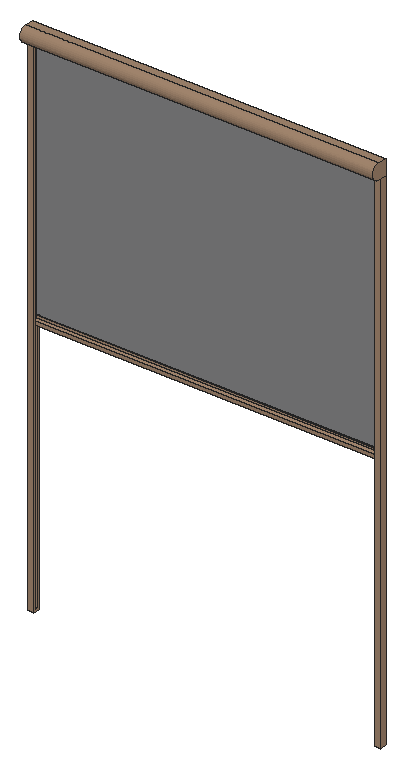
Revit family "Screen_Window_SereneSeries_PhantomScreens-1-1", category Windows, host Wall, Revit 2026
Family settings
  Host = Wall
  Classification Number = 23.30.60.21
  Always vertical = Yes
  Cut with Voids When Loaded = No
  Shared = No
  Room Calculation Point = No
Parameters (values of type "Type as Specified")
  URL = "http://www.phantomscreens.com/"
  Track Depth = 0' - 0 57/64"
  Specification = "http://www.phantomscreens.com/architects-designers/specifications-binder/"
  Slide Bar Height = 0' - 1 13/32"
  Slide Bar Depth = 0' - 0 23/32"
  Screen Thickness = 0' - 0 1/32"
  Screen = Suntex 80 - Charcoal
  Sales Information = "http://www.phantomscreens.com/support/"
  Revision = "R1_08-2016"
  Product Properties = "http://www.phantomscreens.com/drive/uploads/2015/05/technical_specs_serene.pdf"
  Product Data = "http://www.arcat.com/arcatcos/cos9540/arc40535.html"
  Percent Open [instance] = 50
  Model = "Serene Series"
  Manufacturer Website = "http://www.phantomscreens.com/"
  Manufacturer Phone - Toll Free = ""
  Manufacturer Phone = "604-855-3654"
  Manufacturer Fax = "604-855-7834"
  Manufacturer Address = "30451 Simpson Rd.; Abbotsford; BC; Canada V2T 6C7"
  Manufacturer = "Phantom Screens"
  Keynote = "08 11 00"
  Installation-Fabrication = "http://www.phantomscreens.com/architects-designers/options/"
  Housing Depth = 0' - 2 19/64"
  Housing Height = 0' - 2 7/64"
  Height [instance] = 6' - 0"
  Drawn By = "Sumex Design - Robert S Weygant"
  Description = "Phantom Screens Serene Series Screen"
  Default Sill Height = 3' - 0"
  Wall Closure = By host
  Width [instance] = 4' - 0"
  Copyright = "� 2016 ARCAT Inc."
  Construction Details = "http://www.arcat.com/details/phantoms/95prod3446.html"
  Assembly Code = "B2020400"
  Amount Open [instance] = Height * (Percent Open / 100)  # 3' - 0"
  Aluminum Track = Dark Acacia
  Aluminum Slide Bar = Dark Acacia
  Aluminum Housing = Dark Acacia
Reference planes (in)
  plane 1 "Center (Front/Back)": y = 0
  plane 2: z = 0
  plane 3 "Center (Left/Right)": x = 0
  plane 4 "Left": x = -24
  plane 5 "Right": x = 24
  plane 6 "Sill": z = 36
  plane 7 "Top": z = 108
  plane 8: z = 110.10938
  plane 9: x = 24.89062
  plane 10: x = -24.89062
  plane 11: y = -3
  plane 12: y = -5.29688
  plane 13: y = -3.71875
  plane 14: y = -3.89062
  plane 15: z = 72
  plane 16: z = 73.40625
  plane 17: y = -3.35938
  plane 18: y = -3.39062
Forms (in)
  Extrusion 1, solid, material "Dark Acacia" <- "Aluminum Track"
    sketch origin (0, 0, 0) x (1, 0, 0) y (0, 0, 1)
      loop
        line (24.89062, 108) -> (24, 108) -> (24, 36) -> (24.89062, 36) -> (24.89062, 108)
    from 3 to 3.89062
  Extrusion 2, solid, material "Dark Acacia" <- "Aluminum Track"
    sketch origin (0, 0, 0) x (-1, 0, 0) y (0, 0, -1)
      loop
        line (24.89062, -108) -> (24.89062, -36) -> (24, -36) -> (24, -108) -> (24.89062, -108)
    from 3 to 3.89062
  Extrusion 3, solid, material "Dark Acacia" <- "Aluminum Slide Bar"
    sketch origin (0, 0, 0) x (0, 1, 0) y (0, 0, 1)
      loop
        line (-3, 73.40625) -> (-3.44467, 73.40625) -> (-3.44467, 73.37363) -> (-3.42188, 73.35084) -> (-3.42188, 73.02273) -> (-3.71875, 72.72586) -> (-3.71875, 72.22976) -> (-3.39063, 72) -> (-3, 72) -> (-3, 73.40625)
    from -24 to 24
  Extrusion 4, solid, material "Suntex 80 - Charcoal" <- "Screen"
    sketch origin (0, 0, 0) x (0, 1, 0) y (0, 0, 1)
      loop
        line (-3.35938, 73.40625) -> (-3.35938, 108) -> (-3.39062, 108) -> (-3.39062, 73.40625) -> (-3.35938, 73.40625)
    from -24 to 24
  Extrusion 5, solid, material "Dark Acacia" <- "Aluminum Housing"
    sketch origin (0, 0, 0) x (0, 1, 0) y (0, 0, 1)
      loop
        line (-3, 110.10938) -> (-4.23437, 110.10938)
        arc (-4.23437, 110.10938) -> (-5.28906, 109.05469) -> (-4.23437, 108) r 1.05469
        line (-4.23437, 108) -> (-3, 108) -> (-3, 110.10938)
    from -24.89062 to 24.89063
  Extrusion 6, void
    sketch origin (0, 0, 36) x (0, -1, 0) y (1, 0, 0)
      loop
        line (3.16233, -24) -> (3.16233, -24.76557) -> (3.71875, -24.76557) -> (3.71875, -24) -> (3.16233, -24)
      loop
        line (3.16233, 24) -> (3.71875, 24) -> (3.71875, 24.76557) -> (3.16233, 24.76557) -> (3.16233, 24)
    from 0.26418 to 72
Cuts and joins
  Extrusion 6 cuts Extrusion 1
  Extrusion 6 cuts Extrusion 2
Text (in)
  text "EXTERIOR" at (-69.21001, -25.56818, 0), in view "Ref. Level"
  text "INTERIOR" at (-66.85452, 30.38598, 0), in view "Ref. Level"
  text "Exterior" at (0, 43.65631, 123.19604), in view "Left"
  text "Exterior" at (0, 18.29385, 125.04747), in view "Right"
Dimensions and locks (in)
  equal spacing: plane 4 "Left", plane 3 "Center (Left/Right)", plane 5 "Right"
  "Width": plane 4 "Left" to plane 5 "Right"
  "Height": plane 6 "Sill" to plane 7 "Top"
  "Default Sill Height": plane 2 to plane 6 "Sill"
  "Housing Height": plane 7 "Top" to plane 8
  "Slide Bar Depth": plane 11 to plane 13
  "Housing Depth": plane 11 to plane 12
  "Track Depth": plane 11 to plane 14
  "Screen Thickness": plane 17 to plane 18
  "Slide Bar Height": plane 15 to plane 16
  "Track Depth": plane 5 "Right" to plane 9
  "Track Depth": plane 10 to plane 4 "Left"
  "Amount Open": plane 15 to plane 6 "Sill"
  aligned and locked: level to plane 2
  aligned and locked: Extrusion 1 to plane 11
  aligned and locked: Extrusion 2 to plane 4 "Left"
  aligned and locked: plane 10 to Extrusion 2  (x2)
  aligned and locked: plane 16 to Extrusion 3 sketch curve
  aligned and locked: Extrusion 3 sketch curve to plane 11
  aligned and locked: Extrusion 3 sketch curve to plane 15
  aligned and locked: plane 13 to Extrusion 3 sketch curve
  aligned and locked: Extrusion 3 to Extrusion 4 sketch curve
  aligned and locked: Extrusion 4 sketch curve to plane 17
  aligned and locked: plane 7 "Top" to Extrusion 4 sketch curve
  aligned and locked: plane 18 to Extrusion 4 sketch curve
  aligned and locked: Extrusion 3 to plane 5 "Right"
  aligned and locked: Extrusion 4 to plane 5 "Right"
  aligned and locked: plane 5 "Right" to Extrusion 3  (x2)
  aligned and locked: Extrusion 1 to plane 9  (x2)
  aligned and locked: plane 4 "Left" to Extrusion 3
  aligned and locked: plane 16 to Extrusion 3  (x2)
  aligned and locked: Extrusion 3 to plane 15  (x2)
  aligned and locked: Extrusion 4 to plane 7 "Top"
  aligned and locked: plane 5 "Right" to Extrusion 1
  aligned and locked: plane 14 to Extrusion 2
  aligned and locked: Extrusion 4 to plane 18
  aligned and locked: plane 17 to Extrusion 4
  aligned and locked: Extrusion 2 to plane 11
  aligned and locked: Extrusion 2 to plane 14
  aligned and locked: Extrusion 4 to plane 16
  aligned and locked: plane 13 to Extrusion 3
  aligned and locked: Extrusion 3 to plane 11
  aligned and locked: plane 4 "Left" to Extrusion 4
  aligned and locked: plane 8 to Extrusion 5 sketch curve
  aligned and locked: plane 7 "Top" to Extrusion 5 sketch curve
  aligned and locked: plane 13 to Extrusion 6 sketch curve
  aligned and locked: Extrusion 6 sketch curve to plane 5 "Right"
  aligned and locked: Extrusion 5 to plane 9
  aligned and locked: plane 10 to Extrusion 5
  aligned and locked: plane 8 to Extrusion 5
  aligned and locked: plane 7 "Top" to Extrusion 5
  aligned and locked: Extrusion 6 to plane 7 "Top"
  aligned and locked: plane 14 to Extrusion 1
  aligned and locked: Extrusion 6 sketch curve to plane 13
Automatic sketch dimensions
  plane 4 "Left" to Extrusion 2 sketch curve = 0' - 0"
  Extrusion 2 sketch curve to plane 6 "Sill" = 0' - 0"
  plane 10 to Extrusion 2 sketch curve = 0' - 0"
  Extrusion 2 sketch curve to plane 7 "Top" = 0' - 0"
  plane 5 "Right" to Extrusion 1 sketch curve = 0' - 0"
  Extrusion 1 sketch curve to plane 6 "Sill" = 0' - 0"
  plane 9 to Extrusion 1 sketch curve = 0' - 0"
  Extrusion 1 sketch curve to plane 7 "Top" = 0' - 0"
  plane 14 to Extrusion 5 sketch curve = 0' - 0 11/32"
  Extrusion 5 sketch curve to host wall = 0' - 0"
  Extrusion 3 sketch curve to plane 18 = 0' - 0"
  Extrusion 3 sketch curve to plane 18 = 0' - 0 1/32"
  Extrusion 3 sketch curve to plane 16 = 0' - 0.38352"
  Extrusion 3 sketch curve to plane 16 = 0' - 0.05541"
  Extrusion 3 sketch curve to plane 18 = 0' - 0.05405"
  Extrusion 3 sketch curve to Extrusion 3 sketch curve = 0' - 0.22976"
  Extrusion 3 sketch curve to Extrusion 3 sketch curve = 0' - 0 19/64"
  Extrusion 3 sketch curve to plane 16 = 0' - 0.03262"
  Extrusion 6 sketch curve to plane 4 "Left" = 0' - 0"
  host wall to Extrusion 6 sketch curve = 0' - 0.16233"  (x2)
  Extrusion 6 sketch curve to plane 10 = 0' - 0.12505"
  plane 9 to Extrusion 6 sketch curve = 0' - 0.12505"
